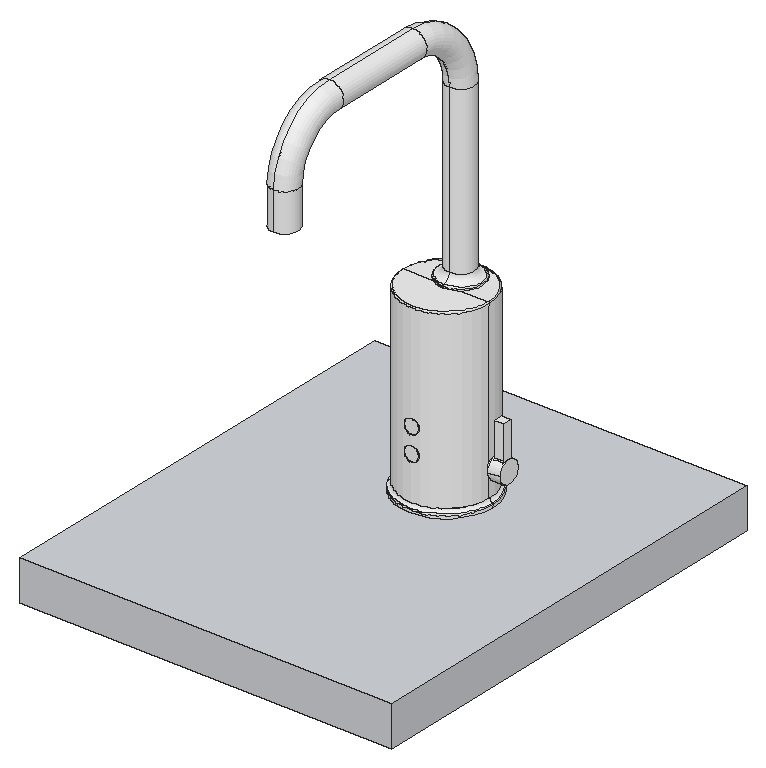
Revit family
Parameters (values of type "Chrome-Polished_Chrome-CP")
  Width = 0' - 2 5/8"
  WFU = 0
  URL = "http://www.us.kohler.com"
  Product Page URL = "http://www.us.kohler.com/onlinecatalog/detail.jsp?prod_num=13472"
  Product Documentation Link = "http://www.us.kohler.com/onlinecatalog/pdf/1108253_4.pdf"
  Model = "K-13472"  # constant formula
  Manufacturer = "Kohler"  # constant formula
  Length = 0' - 7 3/8"
  Installation = "Single-hole"  # constant formula
  Hot Water Radius = 3/16"
  Hot Water Diameter = Hot Water Radius * 2  # 3/8"
  Hot Water Connection = "Hot Water Connector"  # constant formula
  Height = 1' - 0 1/8"
  HWFU = 0
  HW Connection = yes
  Finish = Chrome-Kohler-CP-Polished_Chrome
  Description = "Gooseneck Touchless deck-mount faucet with temperature mixer"  # constant formula
  Default Elevation = 0' - 0"
  Created By = "http://medialab3dstudio.com/"
  Cold Water Radius = 3/16"
  Cold Water Diameter = Cold Water Radius * 2  # 3/8"
  Cold Water Connection = "Cold Water Connector"  # constant formula
  CWFU = 0
  CW Connection = yes
  Assembly Code = "D2010"
  Actual Water Flow = 0.5 GPM
  ADA Compliant = yes
Types (3): name | Finish
  (no name) | Chrome-Kohler-CP-Polished_Chrome
  SteelVibrant_Stainless-VS | Steel-Kohler-VS-Vibrant_Stainless
  Chrome-Polished_Chrome-CP | Chrome-Kohler-CP-Polished_Chrome
Reference planes (in)
  plane 1 "Back": y = 0
  plane 2 "Bottom": z = 0
  plane 3 "Center (Left/Right)": x = 0
  plane 4 "Left": x = -1.3125
  plane 5 "Right": x = 1.3125
  plane 6 "Front of Base": y = -2.625
  plane 7 "Top of Spout": z = 5.13758
  plane 8: x = -1.21515
  plane 9: z = 0.19946
  plane 10: y = -0.20719
  plane 11: z = 5.41928
  plane 12: z = 5.19898
  plane 13: z = 11.74609
  plane 14: y = -6.99576
  plane 15: y = -0.81246
  plane 16: z = 5.41651
  plane 17: y = -1.10002
  plane 18: y = -1.34732
  plane 19: z = 1.30517
  plane 20: z = 1.25601
  plane 21: z = 2.24107
  plane 22: y = -1.07566
  plane 23: y = -1.3705
  plane 24: z = 0.99618
  plane 25: y = -1.22359
  plane 26: x = 1.39998
  plane 27: x = 1.65425
  plane 28 "Handle Right": x = 1.70461
  plane 29: x = 1.35021
  plane 30: x = 1.0625
  plane 31: y = -1.22359
  plane 32: z = 0.99618
  plane 33: z = 2.11506
  plane 34: x = 0
  plane 35: z = 2.11482
  plane 36: z = 1.42524
  plane 37: x = 0
  plane 38: z = 1.42308
  plane 39: x = 0
  plane 40: y = -2.44704
  plane 41: y = -2.52039
  plane 42 "Front": y = -7.375
  plane 43 "Top": z = 12.125
  plane 44: y = -0.9173
  plane 45: y = -1.52988
  plane 46: y = -1.40189
  plane 47: y = -1.04534
  plane 48: y = -0.81285
  plane 49: z = 0.0984
  plane 50: z = 5.19898
  plane 51: z = 2.24107
  plane 52: y = -1.34732
  plane 53: y = -1.10002
  plane 54: z = 0.0984
  plane 55: z = 5.19898
  plane 56: z = 2.24107
  plane 57: y = -1.34732
  plane 58: y = -1.10002
  plane 59: z = 9.14197
  plane 60: z = 11.36712
  plane 61: y = -0.43313
  plane 62: y = -1.19257
  plane 63: y = -6.61653
  plane 64: y = -0.09735
  plane 65: y = -2.5277
  plane 66: z = 0.0984
  plane 67: z = 0.19946
  plane 68: z = 5.1085
  plane 69: z = 5.16952
  plane 70: y = -0.19467
  plane 71: y = -1.43108
  plane 72: z = 5.41928
  plane 73: z = 10.11366
  plane 74: y = -1.22287
  plane 75: x = 0.49462
  plane 76: x = -0.49462
Forms (in)
  Extrusion 1, solid
    sketch origin (0, 0, 0) x (1, 0, 0) y (0, 1, 0)
      loop
        line (-5.38196, 2.92434) -> (-5.38196, -9.57092) -> (5.06552, -9.57092) -> (5.06552, 2.92434) -> (-5.38196, 2.92434)
    from 0 to -1.1254
  Revolve 2, solid, material "Chrome-Kohler-CP-Polished_Chrome" <- "Finish", detail levels medium+fine
    sketch origin (0, -1.3125, 0) x (1, 0, 0) y (0, 0, 1)
      loop
        line (0, 0) -> (0, 5.13758) -> (-1.18617, 5.13758)
        arc (-1.18617, 5.13758) -> (-1.20666, 5.1291) -> (-1.21515, 5.10861) r 0.02898
        line (-1.21515, 5.10861) -> (-1.21515, 0.19946)
        arc (-1.21515, 0.19946) -> (-1.23864, 0.13482) -> (-1.29699, 0.0984) r 0.10547
        arc (-1.29699, 0.0984) -> (-1.30834, 0.08704) -> (-1.3125, 0.07153) r 0.03103
        line (-1.3125, 0.07153) -> (-1.3125, 0) -> (0, 0)
      axis (0, 5.13758) -> (0, 0)
    angle from 0 to 360
  Revolve 3, solid, material "Chrome-Kohler-CP-Polished_Chrome" <- "Finish", detail levels medium+fine
    sketch origin (0, -0.87954, 0) x (0, -1, 0) y (0, 0, 1)
      loop
        line (-0.18173, 5.13758) -> (-0.18173, 5.41928) -> (-0.44641, 5.41928)
        arc (-0.44641, 5.41928) -> (-0.50901, 5.26802) -> (-0.65744, 5.19898) r 0.22547
        arc (-0.65744, 5.19898) -> (-0.67695, 5.18967) -> (-0.68487, 5.16956) r 0.02949
        line (-0.68487, 5.16956) -> (-0.68487, 5.13758) -> (-0.18173, 5.13758)
      axis (-0.06669, 5.41928) -> (-0.06669, 5.13758)
    angle from 0 to 360
  Sweep 4, solid, material "Chrome-Kohler-CP-Polished_Chrome" <- "Finish", detail levels medium+fine
    path origin (0, 0.00468, 0) x (0, 1, 0) y (0, 0, 1)
      loop
        line (-0.81714, 5.41651) -> (-0.81714, 10.08672)
        arc (-0.81714, 10.08672) -> (-1.30315, 11.26008) -> (-2.47651, 11.74609) r 1.65937
        line (-2.47651, 11.74609) -> (-5.41231, 11.74609)
        arc (-5.41231, 11.74609) -> (-6.51854, 11.29773) -> (-7.00044, 10.2057) r 1.58887
        line (-7.00044, 10.2057) -> (-7.00044, 9.14197)
    profile origin (0, -0.81246, 7.75162) x (0, -1, 0) y (1, 0, 0)
      loop
        circle (0, 0) r 0.37923
  Extrusion 5, void
    sketch origin (0, 0, 0) x (1, 0, 0) y (0, 0, 1)
      loop
        arc (-0.21742, 2.11482) -> (-0.15374, 1.96108) -> (0, 1.8974) r 0.21742
        arc (0, 1.8974) -> (0.15374, 1.96108) -> (0.21742, 2.11482) r 0.21742
        arc (0.21742, 2.11482) -> (0.15374, 2.26855) -> (0, 2.33223) r 0.21742
        arc (0, 2.33223) -> (-0.15374, 2.26855) -> (-0.21742, 2.11482) r 0.21742
    from 2.44704 to 2.52902
  Extrusion 6, void
    sketch origin (0, 0, -0.69173) x (1, 0, 0) y (0, 0, 1)
      loop
        arc (-0.21742, 2.11482) -> (-0.15374, 1.96108) -> (0, 1.8974) r 0.21742
        arc (0, 1.8974) -> (0.15374, 1.96108) -> (0.21742, 2.11482) r 0.21742
        arc (0.21742, 2.11482) -> (0.15374, 2.26855) -> (0, 2.33223) r 0.21742
        arc (0, 2.33223) -> (-0.15374, 2.26855) -> (-0.21742, 2.11482) r 0.21742
    from 2.44704 to 2.52902
  Extrusion 7, solid, material "Chrome-Kohler-CP-Polished_Chrome" <- "Finish", detail levels medium+fine
    sketch origin (0, 0, 0) x (1, 0, 0) y (0, 0, 1)
      loop
        arc (-0.18898, 2.11506) -> (-0.13363, 1.98143) -> (0, 1.92608) r 0.18898
        arc (0, 1.92608) -> (0.13363, 1.98143) -> (0.18898, 2.11506) r 0.18898
        arc (0.18898, 2.11506) -> (0.13363, 2.24869) -> (0, 2.30404) r 0.18898
        arc (0, 2.30404) -> (-0.13363, 2.24869) -> (-0.18898, 2.11506) r 0.18898
    from 2.44704 to 2.52039
  Extrusion 8, solid, material "Chrome-Kohler-CP-Polished_Chrome" <- "Finish", detail levels medium+fine
    sketch origin (0, 0, -0.68982) x (1, 0, 0) y (0, 0, 1)
      loop
        arc (-0.18898, 2.11506) -> (-0.13363, 1.98143) -> (0, 1.92608) r 0.18898
        arc (0, 1.92608) -> (0.13363, 1.98143) -> (0.18898, 2.11506) r 0.18898
        arc (0.18898, 2.11506) -> (0.13363, 2.24869) -> (0, 2.30404) r 0.18898
        arc (0, 2.30404) -> (-0.13363, 2.24869) -> (-0.18898, 2.11506) r 0.18898
    from 2.44704 to 2.52039
  Extrusion 9, solid, material "Chrome-Kohler-CP-Polished_Chrome" <- "Finish", detail levels medium+fine
    sketch origin (0, 0, 0) x (0, 1, 0) y (0, 0, 1)
      loop
        arc (-1.04531, 0.99618) -> (-1.09753, 1.12225) -> (-1.22359, 1.17446) r 0.17828
        arc (-1.22359, 1.17446) -> (-1.34965, 1.12225) -> (-1.40187, 0.99618) r 0.17828
        arc (-1.40187, 0.99618) -> (-1.34965, 0.87012) -> (-1.22359, 0.8179) r 0.17828
        arc (-1.22359, 0.8179) -> (-1.09753, 0.87012) -> (-1.04531, 0.99618) r 0.17828
    from 1.0625 to 1.35021
  Extrusion 10, solid, material "Chrome-Kohler-CP-Polished_Chrome" <- "Finish", detail levels medium+fine
    sketch origin (0, 0, 0) x (0, 1, 0) y (0, 0, 1)
      loop
        arc (-0.9173, 0.99618) -> (-1.00701, 1.21276) -> (-1.22359, 1.30247) r 0.30629
        arc (-1.22359, 1.30247) -> (-1.44017, 1.21276) -> (-1.52988, 0.99618) r 0.30629
        arc (-1.52988, 0.99618) -> (-1.44017, 0.77961) -> (-1.22359, 0.6899) r 0.30629
        arc (-1.22359, 0.6899) -> (-1.00701, 0.77961) -> (-0.9173, 0.99618) r 0.30629
    from 1.35021 to 1.70461
  Extrusion 11, solid, material "Chrome-Kohler-CP-Polished_Chrome" <- "Finish", detail levels medium+fine
    sketch origin (0, 0, 0) x (0, 1, 0) y (0, 0, 1)
      loop
        arc (-1.3705, 1.25601) -> (-1.22308, 1.29082) -> (-1.07566, 1.25601) r 0.32962
        arc (-1.07566, 1.25601) -> (-1.09275, 1.27817) -> (-1.10002, 1.30519) r 0.07148
        line (-1.10002, 1.30519) -> (-1.10002, 2.24107) -> (-1.34732, 2.24107) -> (-1.34732, 1.30517)
        arc (-1.34732, 1.30517) -> (-1.35357, 1.27807) -> (-1.3705, 1.25601) r 0.06547
    from 1.39998 to 1.65425
  Extrusion 12, void
    sketch origin (0.49462, 0.17828, 0) x (1, 0, 0) y (0, 1, 0)
      loop
        circle (0, -1.40115) r 0.1875
    from 0 to 0.0984
  Extrusion 13, void
    sketch origin (-0.49462, 0.17828, 0) x (1, 0, 0) y (0, 1, 0)
      loop
        circle (0, -1.40115) r 0.1875
    from 0 to 0.0984
  Extrusion 14, solid, not visible
    sketch origin (0, 0, 0) x (1, 0, 0) y (0, 1, 0)
      loop
        arc (0.30712, -1.22287) -> (0.36203, -1.35545) -> (0.49462, -1.41037) r 0.1875
        arc (0.49462, -1.41037) -> (0.6272, -1.35545) -> (0.68212, -1.22287) r 0.1875
        arc (0.68212, -1.22287) -> (0.6272, -1.09029) -> (0.49462, -1.03537) r 0.1875
        arc (0.49462, -1.03537) -> (0.36203, -1.09029) -> (0.30712, -1.22287) r 0.1875
      loop
        arc (-0.49462, -1.03537) -> (-0.6272, -1.09029) -> (-0.68212, -1.22287) r 0.1875
        arc (-0.68212, -1.22287) -> (-0.6272, -1.35545) -> (-0.49462, -1.41037) r 0.1875
        arc (-0.49462, -1.41037) -> (-0.36203, -1.35545) -> (-0.30712, -1.22287) r 0.1875
        arc (-0.30712, -1.22287) -> (-0.36203, -1.09029) -> (-0.49462, -1.03537) r 0.1875
    from 0 to 0.0984
Cuts and joins
  Extrusion 5, Extrusion 6, Extrusion 12, Extrusion 13 cuts Revolve 2
  joined: Revolve 2, Revolve 3, Extrusion 7, Extrusion 8, Extrusion 9, Extrusion 10
Lines and regions (in)
  Masking region 1, detail levels coarse
    outline origin (0, 0, 0) x (1, 0, 0) y (0, 1, 0)
      loop
        line (-1.3125, 0) -> (-1.3125, -7.375) -> (1.70461, -7.375) -> (1.70461, 0) -> (-1.3125, 0)
  Masking region 2, detail levels medium+fine
    outline origin (0, 0, 0) x (1, 0, 0) y (0, 1, 0)
      loop
        line (-0.37924, -2.56902) -> (-0.37924, -6.99756)
        arc (-0.37924, -6.99756) -> (0, -7.37679) -> (0.37923, -6.99756) r 0.37923
        line (0.37923, -6.99756) -> (0.37923, -2.56902)
        arc (0.37923, -2.56902) -> (1.02638, -2.13054) -> (1.30945, -1.40189) r 1.3125
        line (1.30945, -1.40189) -> (1.35021, -1.40189) -> (1.35021, -1.52988) -> (1.70461, -1.52988) -> (1.70461, -0.9173) -> (1.35021, -0.9173) -> (1.35021, -1.04534) -> (1.28502, -1.04534)
        arc (1.28502, -1.04534) -> (-0.88629, -0.34444) -> (-0.37924, -2.56902) r 1.3125
  Masking region 3, detail levels coarse
    outline origin (0, 0, 0) x (1, 0, 0) y (0, 0, 1)
      loop
        line (-1.3125, 12.125) -> (-1.3125, 0) -> (1.70461, 0) -> (1.70461, 12.125) -> (-1.3125, 12.125)
  Masking region 4, detail levels medium+fine
    outline origin (0, 0, 0) x (1, 0, 0) y (0, 0, 1)
      loop
        line (1.3125, 0) -> (1.3125, 0.07153)
        arc (1.3125, 0.07153) -> (1.30833, 0.08703) -> (1.29699, 0.0984) r 0.03114
        arc (1.29699, 0.0984) -> (1.23819, 0.13448) -> (1.21517, 0.19951) r 0.10338
        line (1.21517, 0.19951) -> (1.21517, 0.8179) -> (1.35021, 0.8179) -> (1.35021, 0.6899) -> (1.70461, 0.6899) -> (1.70461, 1.30519) -> (1.65425, 1.30519) -> (1.65425, 2.24107) -> (1.39998, 2.24107) -> (1.39998, 1.30247) -> (1.35021, 1.30247) -> (1.35021, 1.17489) -> (1.21517, 1.17489) -> (1.21517, 5.10858)
        arc (1.21517, 5.10858) -> (1.20668, 5.12909) -> (1.18617, 5.13758) r 0.029
        line (1.18617, 5.13758) -> (0.59825, 5.13758) -> (0.59825, 5.17058)
        arc (0.59825, 5.17058) -> (0.58994, 5.19001) -> (0.57082, 5.19899) r 0.02968
        arc (0.57082, 5.19899) -> (0.43062, 5.26871) -> (0.37892, 5.41651) r 0.20773
        line (0.37892, 5.41651) -> (0.37892, 11.74436)
        arc (0.37892, 11.74436) -> (-0.00015, 12.12344) -> (-0.37923, 11.74436) r 0.37908
        line (-0.37923, 11.74436) -> (-0.37923, 5.41651)
        arc (-0.37923, 5.41651) -> (-0.43116, 5.26823) -> (-0.57214, 5.19886) r 0.20746
        arc (-0.57214, 5.19886) -> (-0.59078, 5.18919) -> (-0.59826, 5.16956) r 0.0295
        line (-0.59826, 5.16956) -> (-0.59826, 5.13758) -> (-1.18617, 5.13758)
        arc (-1.18617, 5.13758) -> (-1.20666, 5.1291) -> (-1.21515, 5.10861) r 0.02898
        line (-1.21515, 5.10861) -> (-1.21515, 0.19946)
        arc (-1.21515, 0.19946) -> (-1.23921, 0.13528) -> (-1.29699, 0.0984) r 0.10831
        arc (-1.29699, 0.0984) -> (-1.3084, 0.08708) -> (-1.3125, 0.07153) r 0.0306
        line (-1.3125, 0.07153) -> (-1.3125, 0) -> (1.3125, 0)
  Masking region 5, detail levels coarse
    outline origin (0, 0, 0) x (0, 1, 0) y (0, 0, 1)
      loop
        line (0, 12.125) -> (-7.375, 12.125) -> (-7.375, 0) -> (0, 0) -> (0, 12.125)
  Masking region 6, detail levels medium+fine
    outline origin (0, 0, 0) x (0, 1, 0) y (0, 0, 1)
      loop
        line (0, 0) -> (0, 0.07182)
        arc (0, 0.07182) -> (-0.00416, 0.08721) -> (-0.01551, 0.0984) r 0.03053
        arc (-0.01551, 0.0984) -> (-0.07358, 0.13504) -> (-0.09735, 0.19946) r 0.10682
        line (-0.09735, 0.19946) -> (-0.09735, 5.10856)
        arc (-0.09735, 5.10856) -> (-0.10585, 5.12908) -> (-0.12637, 5.13758) r 0.02902
        line (-0.12637, 5.13758) -> (-0.19467, 5.13758) -> (-0.19467, 5.16952)
        arc (-0.19467, 5.16952) -> (-0.20259, 5.18961) -> (-0.2221, 5.19889) r 0.02944
        arc (-0.2221, 5.19889) -> (-0.37025, 5.26819) -> (-0.43313, 5.41918) r 0.22654
        line (-0.43313, 5.41918) -> (-0.43313, 10.10196)
        arc (-0.43313, 10.10196) -> (-1.02567, 11.53247) -> (-2.45617, 12.125) r 2.02304
        line (-2.45617, 12.125) -> (-5.44685, 12.125)
        arc (-5.44685, 12.125) -> (-6.81026, 11.56026) -> (-7.375, 10.19685) r 1.92815
        line (-7.375, 10.19685) -> (-7.375, 9.14197) -> (-6.61653, 9.14197) -> (-6.61653, 10.19952)
        arc (-6.61653, 10.19952) -> (-6.24709, 11.02678) -> (-5.40744, 11.36712) r 1.21266
        line (-5.40744, 11.36712) -> (-2.48041, 11.36712)
        arc (-2.48041, 11.36712) -> (-1.58184, 11.00202) -> (-1.19257, 10.11366) r 1.28831
        line (-1.19257, 10.11366) -> (-1.19257, 5.41928)
        arc (-1.19257, 5.41928) -> (-1.25533, 5.26817) -> (-1.4036, 5.19898) r 0.22606
        arc (-1.4036, 5.19898) -> (-1.42317, 5.18969) -> (-1.43108, 5.16952) r 0.02943
        line (-1.43108, 5.16952) -> (-1.43108, 5.13758) -> (-2.49862, 5.13758)
        arc (-2.49862, 5.13758) -> (-2.51919, 5.12907) -> (-2.5277, 5.1085) r 0.02908
        line (-2.5277, 5.1085) -> (-2.5277, 0.19941)
        arc (-2.5277, 0.19941) -> (-2.55179, 0.1353) -> (-2.60949, 0.0984) r 0.10846
        arc (-2.60949, 0.0984) -> (-2.621, 0.08713) -> (-2.625, 0.07153) r 0.02993
        line (-2.625, 0.07153) -> (-2.625, 0) -> (0, 0)
  model lines
    curve 1: line (0, -1.33822, 0.99618) -> (0, -1.10896, 0.99618)
  symbolic lines, detail levels fine
    curve 2: arc (-0.38196, -1.34233, 0) -> (-0.00037, -0.27922, 0) -> (0.38071, -1.34252, 0) r 0.59999
    curve 3: arc (-0.38196, -0.7959, 0) -> (-0.00063, -0.41457, 0) -> (0.38071, -0.7959, 0) r 0.38133
    curve 4: arc (1.28502, -1.04534, 0) -> (1.30971, -1.22276, 0) -> (1.30945, -1.40189, 0) r 1.28325
    curve 5: line (1.35021, -1.40187, 0) -> (1.35021, -1.04534, 0)
    curve 6: line (1.39998, -1.07566, 0) -> (1.65425, -1.07566, 0)
    curve 7: line (1.39998, -1.3705, 0) -> (1.39998, -1.07566, 0)
    curve 8: line (1.65425, -1.3705, 0) -> (1.39998, -1.3705, 0)
    curve 9: line (1.65425, -1.07566, 0) -> (1.65425, -1.3705, 0)
    curve 10: line (0.38071, -1.34252, 0) -> (0.38071, -2.569, 0)
    curve 11: line (-0.38196, -1.34233, 0) -> (-0.38196, -2.569, 0)
    curve 12: line (-0.38196, -1.34233, 0) -> (-0.38196, -0.7959, 0)
    curve 13: line (0.38071, -1.34252, 0) -> (0.38071, -0.7959, 0)
    curve 14: arc (0.21742, 0, 2.11482) -> (0.15374, 0, 2.26855) -> (0, 0, 2.33223) r 0.21742
    curve 15: arc (0, 0, 1.8974) -> (0.15374, 0, 1.96108) -> (0.21742, 0, 2.11482) r 0.21742
    curve 16: arc (-0.21742, 0, 2.11482) -> (-0.15374, 0, 1.96108) -> (0, 0, 1.8974) r 0.21742
    curve 17: arc (0, 0, 2.33223) -> (-0.15374, 0, 2.26855) -> (-0.21742, 0, 2.11482) r 0.21742
    curve 18: arc (0, 0, 2.30404) -> (-0.13363, 0, 2.24869) -> (-0.18898, 0, 2.11506) r 0.18898
    curve 19: arc (0.18898, 0, 2.11506) -> (0.13363, 0, 2.24869) -> (0, 0, 2.30404) r 0.18898
    curve 20: arc (0, 0, 1.92608) -> (0.13363, 0, 1.98143) -> (0.18898, 0, 2.11506) r 0.18898
    curve 21: arc (-0.18898, 0, 2.11506) -> (-0.13363, 0, 1.98143) -> (0, 0, 1.92608) r 0.18898
    curve 22: arc (0.21742, 0, 1.42308) -> (0.15374, 0, 1.57682) -> (0, 0, 1.6405) r 0.21742
    curve 23: arc (0, 0, 1.20567) -> (0.15374, 0, 1.26935) -> (0.21742, 0, 1.42308) r 0.21742
    curve 24: arc (-0.21742, 0, 1.42308) -> (-0.15374, 0, 1.26935) -> (0, 0, 1.20567) r 0.21742
    curve 25: arc (0, 0, 1.6405) -> (-0.15374, 0, 1.57682) -> (-0.21742, 0, 1.42308) r 0.21742
    curve 26: arc (0, 0, 1.61422) -> (-0.13363, 0, 1.55887) -> (-0.18898, 0, 1.42524) r 0.18898
    curve 27: arc (0.18898, 0, 1.42524) -> (0.13363, 0, 1.55887) -> (0, 0, 1.61422) r 0.18898
    curve 28: arc (0, 0, 1.23626) -> (0.13363, 0, 1.29161) -> (0.18898, 0, 1.42524) r 0.18898
    curve 29: arc (-0.18898, 0, 1.42524) -> (-0.13363, 0, 1.29161) -> (0, 0, 1.23626) r 0.18898
    curve 30: line (-0.59826, 0, 5.13758) -> (0.59825, 0, 5.13758)
    curve 31: line (-0.37923, 0, 9.14197) -> (0.37923, 0, 9.14197)
    curve 50: line (1.35021, 0, 1.17446) -> (1.35021, 0, 0.8179)
    curve 54: arc (0, -1.22359, 0.6899) -> (0, -1.00701, 0.77961) -> (0, -0.9173, 0.99618) r 0.30629
    curve 55: arc (0, -1.52988, 0.99618) -> (0, -1.44017, 0.77961) -> (0, -1.22359, 0.6899) r 0.30629
    curve 56: arc (0, -1.35746, 1.27166) -> (0, -1.48322, 1.15868) -> (0, -1.52988, 0.99618) r 0.30629
    curve 57: arc (0, -0.9173, 0.99618) -> (0, -0.96352, 1.15797) -> (0, -1.08823, 1.27093) r 0.30629
    curve 58: arc (0, -1.08823, 1.27093) -> (0, -1.09646, 1.28726) -> (0, -1.10002, 1.30519) r 0.06772
    curve 59: arc (0, -1.35746, 1.27166) -> (0, -1.34998, 1.28769) -> (0, -1.34732, 1.30517) r 0.06222
    curve 60: line (0, -1.34732, 1.30517) -> (0, -1.34732, 2.24107)
    curve 61: line (0, -1.34732, 2.24107) -> (0, -1.10002, 2.24107)
    curve 62: line (0, -1.10002, 2.24107) -> (0, -1.10002, 1.30519)
    curve 63: line (0, -0.2221, 5.19898) -> (0, -1.4036, 5.19898)
    curve 64: line (0, -0.01551, 0.0984) -> (0, -2.60949, 0.0984)
  symbolic lines, not visible, detail levels fine
    curve 32: arc (0.21742, 0, 2.11482) -> (0.15374, 0, 2.26855) -> (0, 0, 2.33223) r 0.21742
    curve 33: arc (0, 0, 1.8974) -> (0.15374, 0, 1.96108) -> (0.21742, 0, 2.11482) r 0.21742
    curve 34: arc (-0.21742, 0, 2.11482) -> (-0.15374, 0, 1.96108) -> (0, 0, 1.8974) r 0.21742
    curve 35: arc (0, 0, 2.33223) -> (-0.15374, 0, 2.26855) -> (-0.21742, 0, 2.11482) r 0.21742
    curve 36: arc (0, 0, 2.30404) -> (-0.13363, 0, 2.24869) -> (-0.18898, 0, 2.11506) r 0.18898
    curve 37: arc (0.18898, 0, 2.11506) -> (0.13363, 0, 2.24869) -> (0, 0, 2.30404) r 0.18898
    curve 38: arc (0, 0, 1.92608) -> (0.13363, 0, 1.98143) -> (0.18898, 0, 2.11506) r 0.18898
    curve 39: arc (-0.18898, 0, 2.11506) -> (-0.13363, 0, 1.98143) -> (0, 0, 1.92608) r 0.18898
    curve 40: arc (0.21742, 0, 1.42308) -> (0.15374, 0, 1.57682) -> (0, 0, 1.6405) r 0.21742
    curve 41: arc (0, 0, 1.20567) -> (0.15374, 0, 1.26935) -> (0.21742, 0, 1.42308) r 0.21742
    curve 42: arc (-0.21742, 0, 1.42308) -> (-0.15374, 0, 1.26935) -> (0, 0, 1.20567) r 0.21742
    curve 43: arc (0, 0, 1.6405) -> (-0.15374, 0, 1.57682) -> (-0.21742, 0, 1.42308) r 0.21742
    curve 44: arc (0, 0, 1.61422) -> (-0.13363, 0, 1.55887) -> (-0.18898, 0, 1.42524) r 0.18898
    curve 45: arc (0.18898, 0, 1.42524) -> (0.13363, 0, 1.55887) -> (0, 0, 1.61422) r 0.18898
    curve 46: arc (0, 0, 1.23626) -> (0.13363, 0, 1.29161) -> (0.18898, 0, 1.42524) r 0.18898
    curve 47: arc (-0.18898, 0, 1.42524) -> (-0.13363, 0, 1.29161) -> (0, 0, 1.23626) r 0.18898
    curve 48: line (-0.59826, 0, 5.13758) -> (0.59825, 0, 5.13758)
    curve 49: line (-0.37923, 0, 9.14197) -> (0.37923, 0, 9.14197)
    curve 52: line (1.35021, 0, 1.17446) -> (1.35021, 0, 0.8179)
    curve 65: arc (0, -1.22359, 0.6899) -> (0, -1.00701, 0.77961) -> (0, -0.9173, 0.99618) r 0.30629
    curve 66: arc (0, -1.52988, 0.99618) -> (0, -1.44017, 0.77961) -> (0, -1.22359, 0.6899) r 0.30629
    curve 67: arc (0, -1.35746, 1.27166) -> (0, -1.48322, 1.15868) -> (0, -1.52988, 0.99618) r 0.30629
    curve 68: arc (0, -0.9173, 0.99618) -> (0, -0.96352, 1.15797) -> (0, -1.08823, 1.27093) r 0.30629
    curve 69: arc (0, -1.08823, 1.27093) -> (0, -1.09646, 1.28726) -> (0, -1.10002, 1.30519) r 0.06772
    curve 70: arc (0, -1.35746, 1.27166) -> (0, -1.34998, 1.28769) -> (0, -1.34732, 1.30517) r 0.06222
    curve 71: line (0, -1.34732, 1.30517) -> (0, -1.34732, 2.24107)
    curve 72: line (0, -1.34732, 2.24107) -> (0, -1.10002, 2.24107)
    curve 73: line (0, -1.10002, 2.24107) -> (0, -1.10002, 1.30519)
    curve 74: line (0, -0.2221, 5.19898) -> (0, -1.4036, 5.19898)
    curve 75: line (0, -0.01551, 0.0984) -> (0, -2.60949, 0.0984)
  symbolic lines
    curve 51: arc (1.21517, 0, 1.17489) -> (1.1854, 0, 0.9964) -> (1.21517, 0, 0.8179) r 0.55008
  symbolic lines, not visible
    curve 53: arc (1.21517, 0, 1.17489) -> (1.1854, 0, 0.9964) -> (1.21517, 0, 0.8179) r 0.55008
  model lines, detail levels coarse
    curve 76: arc (1.29699, -1.3125, 5.13758) -> (0, -0.01551, 5.13758) -> (-1.29699, -1.3125, 5.13758) r 1.29699
    curve 77: arc (-1.29699, -1.3125, 5.13758) -> (0, -2.60949, 5.13758) -> (1.29699, -1.3125, 5.13758) r 1.29699
    curve 78: arc (1.29699, -1.3125, 0) -> (0, -0.01551, 0) -> (-1.29699, -1.3125, 0) r 1.29699
    curve 79: arc (-1.29699, -1.3125, 0) -> (0, -2.60949, 0) -> (1.29699, -1.3125, 0) r 1.29699
    curve 80: line (0, -0.81285, 5.13758) -> (0, -0.81285, 10.13758)
    curve 81: arc (0, -0.81285, 10.13758) -> (0, -1.29149, 11.29313) -> (0, -2.44704, 11.77177) r 1.63419
    curve 82: line (0, -2.44704, 11.77177) -> (0, -5.44704, 11.77177)
    curve 83: arc (0, -5.44704, 11.77177) -> (0, -6.55448, 11.31305) -> (0, -7.0132, 10.20561) r 1.56616
    curve 84: line (0, -7.0132, 10.20561) -> (0, -7.0132, 9.14197)
    curve 85: line (0, -1.34732, 0) -> (0, -1.34732, 5.13758)
Dimensions and locks (in)
  equal spacing: plane 4 "Left", plane 3 "Center (Left/Right)", plane 5 "Right"
  locked: plane 4 "Left" to plane 8 at 0.09735
  locked: plane 9 to plane 2 "Bottom" at 0.19946
  plane 1 "Back" to plane 15 = 0' - 0.81246"
  plane 1 "Back" to plane 17 to plane 18 to plane 6 "Front of Base" = 0' - 1.10002" locked, 0' - 0.2473" locked, 0' - 1.27768" locked
  locked: plane 20 to plane 2 "Bottom" at 1.25601
  locked: plane 20 to plane 19 at 0.04915
  locked: plane 19 to plane 21 at 0.9359
  plane 1 "Back" to plane 25 to plane 6 "Front of Base" = 0' - 1.22359", 0' - 1.40141"
  locked: plane 32 to plane 2 "Bottom" at 0.99618
  plane 1 "Back" to plane 31 to plane 6 "Front of Base" = 0' - 1.22359", 0' - 1.40141"
  locked: plane 5 "Right" to plane 30 at 0.25
  plane 28 "Handle Right" to plane 27 to plane 26 to plane 29 to plane 5 "Right" = 0' - 0.05036" locked, 0' - 0.25428" locked, 0' - 0.04977" locked, 0' - 0.03771" locked
  locked: plane 37 to plane 4 "Left" at 1.3125
  locked: plane 36 to plane 2 "Bottom" at 1.42524
  locked: plane 38 to plane 2 "Bottom" at 1.42308
  locked: plane 39 to plane 4 "Left" at 1.3125
  locked: plane 6 "Front of Base" to plane 41 at 0.10461
  locked: plane 41 to plane 40 at 0.07335
  "Length": plane 1 "Back" to plane 42 "Front"
  locked: plane 7 "Top of Spout" to plane 2 "Bottom" at 5.13758
  "Height": plane 43 "Top" to level
  locked: plane 13 to plane 43 "Top" at 0.37891
  locked: plane 16 to plane 7 "Top of Spout" at 0.27893
  locked: plane 1 "Back" to plane 15 at 0.81246
  locked: plane 15 to plane 14 at 6.1833
  "Width": plane 4 "Left" to plane 5 "Right"
  plane 45 to plane 46 to plane 47 to plane 44 to plane 1 "Back" = 0' - 0.12798" locked, 0' - 0.35655" locked, 0' - 0.12804" locked, 0' - 0.9173" locked
  plane 11 to plane 12 to plane 7 "Top of Spout" = 0' - 0.2203" locked, 0' - 0.0614" locked
  plane 1 "Back" to plane 10 to plane 48 = 0' - 0.20719" locked, 0' - 0.60566" locked
  locked: plane 49 to plane 2 "Bottom" at 0.0984
  locked: plane 49 to plane 51 at 2.14267
  locked: plane 51 to plane 50 at 2.95791
  locked: plane 1 "Back" to plane 53 at 1.10002
  locked: plane 53 to plane 52 at 0.2473
  locked: plane 52 to plane 6 "Front of Base" at 1.27768
  plane 1 "Back" to plane 64 to plane 70 to plane 61 to plane 62 to plane 71 to plane 65 to plane 63 = 0' - 0.09735" locked, 0' - 0.09732" locked, 0' - 0.23846" locked, 0' - 0.75944" locked, 0' - 0.2385" locked, 0' - 1.09662" locked, 0' - 4.08883" locked
  plane 60 to plane 73 to plane 59 to plane 72 to plane 69 to plane 68 to plane 67 to plane 66 to Extrusion 1 = 0' - 1.25345" locked, 0' - 0.97169" locked, 0' - 3.7227" locked, 0' - 0.24976" locked, 0' - 0.06101" locked, 0' - 4.90905" locked, 0' - 0.10106" locked, 0' - 0.0984" locked
  plane 76 to plane 3 "Center (Left/Right)" to plane 75 = 0' - 0.49462" locked, 0' - 0.49462" locked
  plane 53 to plane 74 to plane 52 = 0' - 0.12286" locked, 0' - 0.12445" locked
  radius of Revolve 2 sketch curve = 0' - 0.03103"
  radius of Revolve 2 sketch curve = 0' - 0 27/256"
  "Cold Water Radius": radius of Extrusion 12 sketch curve
  "Hot Water Radius": radius of Extrusion 13 sketch curve
  angle curve 51 to curve 51 = 37.8694°
  aligned and locked: plane 2 "Bottom" to Extrusion 1
  aligned and locked: level to Extrusion 1
  aligned and locked: plane 4 "Left" to Revolve 2 sketch curve  (x2)
  aligned and locked: Revolve 2 sketch curve to plane 3 "Center (Left/Right)"
  aligned and locked: plane 2 "Bottom" to Revolve 2 sketch curve
  aligned and locked: Revolve 2 sketch curve to plane 7 "Top of Spout"
  aligned and locked: Revolve 2 sketch curve to plane 8
  aligned and locked: plane 9 to Revolve 2 sketch curve
  aligned and locked: plane 3 "Center (Left/Right)" to cut or joined group 1 (Revolve 2, Revolve 3, Extrusion 5, Extrusion 6, Extrusion 7, Extrusion 8, Extrusion 9, Extrusion 10, Extrusion 12, Extrusion 13)
  aligned and locked: plane 7 "Top of Spout" to Revolve 3 sketch curve
  aligned and locked: plane 12 to Revolve 3 sketch curve
  aligned and locked: plane 13 to Sweep 4 sketch curve
  aligned and locked: Sweep 4 sketch curve to plane 15
  aligned and locked: plane 16 to Sweep 4 sketch curve
  aligned and locked: Extrusion 11 sketch curve to plane 17
  aligned and locked: Extrusion 11 sketch curve to plane 18
  aligned and locked: plane 19 to Extrusion 11 sketch curve
  aligned and locked: plane 21 to Extrusion 11 sketch curve
  aligned and locked: plane 20 to Extrusion 11 sketch curve  (x2)
  aligned and locked: plane 23 to Extrusion 11 sketch curve
  aligned and locked: plane 22 to Extrusion 11 sketch curve
  aligned and locked: plane 25 to Extrusion 10 sketch curve  (x2)
  aligned and locked: plane 24 to Extrusion 10 sketch curve  (x2)
  aligned and locked: Extrusion 11 to plane 27
  aligned and locked: plane 26 to Extrusion 11
  aligned and locked: cut or joined group 1 to plane 28 "Handle Right"
  aligned and locked: plane 29 to cut or joined group 1
  aligned and locked: cut or joined group 1 to plane 29
  aligned and locked: Extrusion 9 to plane 30
  aligned and locked: plane 31 to Extrusion 9 sketch curve  (x2)
  aligned and locked: plane 32 to Extrusion 9 sketch curve  (x2)
  aligned and locked: plane 34 to Extrusion 7 sketch curve  (x2)
  aligned and locked: plane 33 to Extrusion 7 sketch curve  (x2)
  aligned and locked: plane 3 "Center (Left/Right)" to Extrusion 5 sketch curve  (x2)
  aligned and locked: plane 35 to Extrusion 5 sketch curve  (x2)
  aligned and locked: plane 37 to Extrusion 8 sketch curve  (x2)
  aligned and locked: plane 36 to Extrusion 8 sketch curve  (x2)
  aligned and locked: plane 38 to Extrusion 6 sketch curve  (x2)
  aligned and locked: plane 39 to Extrusion 6 sketch curve  (x2)
  aligned and locked: cut or joined group 1 to plane 40  (x2)
  aligned and locked: plane 41 to cut or joined group 1  (x2)
  aligned and locked: plane 42 "Front" to Sweep 4
  aligned and locked: plane 1 "Back" to Masking region 1 sketch curve
  aligned and locked: plane 28 "Handle Right" to Masking region 1 sketch curve
  aligned and locked: plane 42 "Front" to Masking region 1 sketch curve
  aligned and locked: plane 4 "Left" to Masking region 1 sketch curve
  aligned and locked: Masking region 2 sketch curve to cut or joined group 1  (x2)
  aligned and locked: plane 28 "Handle Right" to Masking region 2 sketch curve
  aligned and locked: Masking region 2 sketch curve to plane 29  (x2)
  aligned and locked: Masking region 2 sketch curve to plane 45
  aligned and locked: Masking region 2 sketch curve to plane 46
  aligned and locked: plane 47 to Masking region 2 sketch curve
  aligned and locked: plane 44 to Masking region 2 sketch curve
  aligned and locked: curve 6 to Extrusion 11
  aligned and locked: curve 9 to Extrusion 11
  aligned and locked: curve 8 to Extrusion 11
  aligned and locked: curve 7 to Extrusion 11
  aligned and locked: plane 43 "Top" to Masking region 3 sketch curve
  aligned and locked: plane 28 "Handle Right" to Masking region 3 sketch curve
  aligned and locked: plane 2 "Bottom" to Masking region 3 sketch curve
  aligned and locked: plane 4 "Left" to Masking region 3 sketch curve
  aligned and locked: plane 2 "Bottom" to Masking region 4 sketch curve
  aligned and locked: Masking region 4 sketch curve to plane 7 "Top of Spout"  (x2)
  aligned and locked: Masking region 4 sketch curve to Masking region 4 sketch curve
  aligned and locked: Masking region 4 sketch curve to cut or joined group 1
  aligned and locked: curve 14 to cut or joined group 1
  aligned and locked: curve 15 to cut or joined group 1
  aligned and locked: curve 16 to cut or joined group 1
  aligned and locked: curve 17 to cut or joined group 1
  aligned and locked: curve 18 to cut or joined group 1
  aligned and locked: curve 19 to cut or joined group 1
  aligned and locked: curve 20 to cut or joined group 1
  aligned and locked: curve 21 to cut or joined group 1
  aligned and locked: curve 22 to cut or joined group 1
  aligned and locked: curve 23 to cut or joined group 1
  aligned and locked: curve 24 to cut or joined group 1
  aligned and locked: curve 25 to cut or joined group 1
  aligned and locked: curve 26 to cut or joined group 1
  aligned and locked: curve 27 to cut or joined group 1
  aligned and locked: curve 28 to cut or joined group 1
  aligned and locked: curve 29 to cut or joined group 1
  aligned and locked: plane 43 "Top" to Masking region 5 sketch curve
  aligned and locked: plane 42 "Front" to Masking region 5 sketch curve
  aligned and locked: plane 2 "Bottom" to Masking region 5 sketch curve
  aligned and locked: plane 1 "Back" to Masking region 5 sketch curve
  aligned and locked: plane 48 to Revolve 3 sketch curve
  aligned and locked: plane 11 to Revolve 3 sketch curve
  aligned and locked: curve 54 to cut or joined group 1
  aligned and locked: curve 55 to cut or joined group 1
  aligned and locked: curve 56 to cut or joined group 1
  aligned and locked: curve 57 to cut or joined group 1
  aligned and locked: plane 49 to curve 64
  aligned and locked: plane 50 to cut or joined group 1
  aligned and locked: curve 61 to plane 51
  aligned and locked: curve 60 to plane 52
  aligned and locked: plane 53 to curve 62  (x2)
  aligned and locked: plane 52 to curve 60
  aligned and locked: plane 54 to curve 75
  aligned and locked: curve 72 to plane 56
  aligned and locked: curve 71 to plane 57
  aligned and locked: plane 58 to curve 73  (x2)
  aligned and locked: plane 57 to curve 71
  aligned and locked: plane 2 "Bottom" to Masking region 6 sketch curve
  aligned and locked: plane 1 "Back" to Masking region 6 sketch curve
  aligned and locked: plane 6 "Front of Base" to Masking region 6 sketch curve
  aligned and locked: Masking region 6 sketch curve to plane 7 "Top of Spout"  (x2)
  aligned and locked: plane 59 to Masking region 6 sketch curve
  aligned and locked: plane 60 to Masking region 6 sketch curve
  aligned and locked: plane 43 "Top" to Masking region 6 sketch curve
  aligned and locked: Masking region 6 sketch curve to plane 61
  aligned and locked: plane 62 to Masking region 6 sketch curve
  aligned and locked: plane 63 to Masking region 6 sketch curve
  aligned and locked: plane 42 "Front" to Masking region 6 sketch curve
  aligned and locked: plane 64 to Masking region 6 sketch curve
  aligned and locked: plane 65 to Masking region 6 sketch curve
  aligned and locked: plane 66 to curve 64
  aligned and locked: plane 66 to Masking region 6 sketch curve  (x2)
  aligned and locked: plane 67 to Masking region 6 sketch curve
  aligned and locked: plane 68 to Masking region 6 sketch curve
  aligned and locked: plane 69 to Masking region 6 sketch curve  (x2)
  aligned and locked: Masking region 6 sketch curve to plane 70
  aligned and locked: plane 71 to Masking region 6 sketch curve
  aligned and locked: plane 72 to Masking region 6 sketch curve
  aligned and locked: plane 73 to Masking region 6 sketch curve
  aligned and locked: curve 76 to cut or joined group 1
  aligned and locked: curve 77 to cut or joined group 1
  aligned and locked: curve 78 to curve 76
  aligned and locked: curve 79 to cut or joined group 1
  aligned and locked: plane 76 to Extrusion 14 sketch curve
  aligned and locked: plane 74 to Extrusion 14 sketch curve  (x2)
  aligned and locked: plane 75 to Extrusion 14 sketch curve
  aligned and locked: Extrusion 14 to plane 2 "Bottom"
  aligned and locked: Extrusion 14 to plane 49
  aligned and locked: cut or joined group 1 to plane 49  (x2)
Automatic sketch dimensions
  Extrusion 1 sketch curve to Extrusion 1 sketch curve = 0' - 10.44748"
  Extrusion 1 sketch curve to Extrusion 1 sketch curve = 1' - 0.49525"
  Sweep 4 sketch curve to Sweep 4 sketch curve = 0' - 1.58813"
  plane 6 "Front of Base" to Sweep 4 sketch curve = 0' - 0.15317"
  plane 7 "Top of Spout" to Sweep 4 sketch curve = 0' - 4.00439"
  Sweep 4 sketch curve to Sweep 4 sketch curve = 0' - 1.58887"
  Sweep 4 sketch curve to plane 3 "Center (Left/Right)" = 0' - 0"
  Sweep 4 sketch curve to profile plane = 0' - 0"
  plane 3 "Center (Left/Right)" to Extrusion 12 sketch curve = 0' - 0.49462"
  plane 1 "Back" to Extrusion 12 sketch curve = 0' - 1.22287"
  Extrusion 13 sketch curve to plane 3 "Center (Left/Right)" = 0' - 0.49462"
  plane 1 "Back" to Extrusion 13 sketch curve = 0' - 1.22287"
  Extrusion 11 sketch curve to plane 19 = 0' - 0.00084"
  Extrusion 11 sketch curve to plane 19 = 0' - 0.00472"
  Extrusion 11 sketch curve to Extrusion 11 sketch curve = 0' - 0.07133"
  plane 20 to Extrusion 11 sketch curve = 0' - 0.29482"
  Extrusion 10 sketch curve to Extrusion 10 sketch curve = 0' - 0.30629"
  Extrusion 9 sketch curve to Extrusion 9 sketch curve = 0' - 0.17828"
  Extrusion 7 sketch curve to Extrusion 7 sketch curve = 0' - 0.18898"
  Extrusion 5 sketch curve to plane 3 "Center (Left/Right)" = 0' - 0.21742"
  Extrusion 8 sketch curve to Extrusion 8 sketch curve = 0' - 0.18898"
  Extrusion 6 sketch curve to plane 3 "Center (Left/Right)" = 0' - 0.21742"
  Sweep 4 sketch curve to plane 14 = 0' - 0"
  Revolve 2 sketch curve to level = 0' - 0"  (x2)
  Revolve 2 sketch curve to plane 3 "Center (Left/Right)" = 0' - 0"
  Revolve 2 sketch curve to plane 7 "Top of Spout" = 0' - 0"
  Revolve 2 sketch curve to plane 9 = 0' - 0.00173"
  plane 4 "Left" to Revolve 2 sketch curve = 0' - 0.01551"
  Revolve 2 sketch curve to plane 8 = 0' - 0.02898"
  Masking region 2 sketch curve to plane 3 "Center (Left/Right)" = 0' - 0"
  Masking region 2 sketch curve to Masking region 2 sketch curve = 0' - 0.37923"
  plane 42 "Front" to Masking region 2 sketch curve = 0' - 0.37744"
  curve 5 to plane 29 = 0' - 0"
  curve 4 to plane 5 "Right" = 0' - 0.00305"
  curve 4 to plane 5 "Right" = 0' - 0.02748"
  plane 3 "Center (Left/Right)" to curve 3 = 0' - 0.38071"
  plane 3 "Center (Left/Right)" to curve 4 = 0' - 0.02947"
  curve 3 to plane 3 "Center (Left/Right)" = 0' - 0.00063"
  curve 2 to plane 3 "Center (Left/Right)" = 0' - 0.00051"
  curve 5 to curve 7 = 0' - 0.03137"
  curve 4 to curve 5 = 0' - 0"
  plane 41 to curve 10 = 0' - 0.04861"
  plane 41 to curve 11 = 0' - 0.04861"
  curve 4 to curve 13 = 0' - 0.05937"
  curve 10 to curve 2 = 0' - 0.00019"
  curve 10 to curve 4 = 0' - 0.03204"
  curve 6 to curve 5 = 0' - 0.03032"
  curve 2 to curve 3 = 0' - 0.08331"
  Masking region 4 sketch curve to plane 4 "Left" = 0' - 0"
  Masking region 4 sketch curve to plane 5 "Right" = 0' - 0"
  plane 29 to Masking region 4 sketch curve = 0' - 0"  (x2)
  plane 26 to Masking region 4 sketch curve = 0' - 0"
  plane 27 to Masking region 4 sketch curve = 0' - 0"
  plane 28 "Handle Right" to Masking region 4 sketch curve = 0' - 0"
  Masking region 4 sketch curve to plane 4 "Left" = 0' - 0.01089"
  plane 4 "Left" to Masking region 4 sketch curve = 0' - 0.01551"
  plane 4 "Left" to Masking region 4 sketch curve = 0' - 0.0306"
  Masking region 4 sketch curve to Masking region 4 sketch curve = 0' - 0.02898"
  plane 7 "Top of Spout" to Masking region 4 sketch curve = 0' - 0.03197"
  Masking region 4 sketch curve to Masking region 4 sketch curve = 0' - 0.58791"
  Masking region 4 sketch curve to Masking region 4 sketch curve = 0' - 0.01184"
  Masking region 4 sketch curve to Masking region 4 sketch curve = 0' - 0.02612"
  Masking region 4 sketch curve to Masking region 4 sketch curve = 0' - 0.00338"
  Masking region 4 sketch curve to plane 3 "Center (Left/Right)" = 0' - 0.37923"
  Masking region 4 sketch curve to plane 3 "Center (Left/Right)" = 0' - 0.00015"
  plane 7 "Top of Spout" to Masking region 4 sketch curve = 0' - 0.0318"
  Masking region 4 sketch curve to Masking region 4 sketch curve = 0' - 0.18967"
  Masking region 4 sketch curve to Masking region 4 sketch curve = 0' - 0.00223"
  Masking region 4 sketch curve to Masking region 4 sketch curve = 0' - 0"
  Masking region 4 sketch curve to Masking region 4 sketch curve = 0' - 0.01558"
  Masking region 4 sketch curve to Masking region 4 sketch curve = 0' - 0.02966"
  plane 30 to Masking region 4 sketch curve = 0' - 0.12367"
  Masking region 4 sketch curve to plane 7 "Top of Spout" = 0' - 0.029"
  Masking region 4 sketch curve to plane 5 "Right" = 0' - 0.03114"
  Masking region 4 sketch curve to plane 5 "Right" = 0' - 0.01551"
  plane 5 "Right" to Masking region 4 sketch curve = 0' - 0.00605"
  level to Masking region 4 sketch curve = 0' - 0.07146"
  Masking region 4 sketch curve to Masking region 4 sketch curve = 0' - 0.07153"
  Masking region 4 sketch curve to Masking region 4 sketch curve = 0' - 0.00006"
  Masking region 4 sketch curve to Masking region 4 sketch curve = 0' - 0.00025"
  Masking region 4 sketch curve to Masking region 4 sketch curve = 0' - 0.10106"
  Masking region 4 sketch curve to Masking region 4 sketch curve = 0' - 0.49039"
  Masking region 4 sketch curve to Masking region 4 sketch curve = 0' - 0.128"
  Masking region 4 sketch curve to Masking region 4 sketch curve = 0' - 0.35699"
  Masking region 4 sketch curve to Masking region 4 sketch curve = 0' - 0.12758"
  Masking region 4 sketch curve to Masking region 4 sketch curve = 0' - 0.00272"
  Masking region 4 sketch curve to Masking region 4 sketch curve = 0' - 0.9386"
  Masking region 4 sketch curve to Masking region 4 sketch curve = 0' - 0.00119"
  Masking region 4 sketch curve to Masking region 4 sketch curve = 0' - 0.20697"
  plane 43 "Top" to Masking region 4 sketch curve = 0' - 0.38064"
  curve 14 to curve 15 = 0' - 0"  (x2)
  curve 14 to curve 16 = 0' - 0"  (x2)
  curve 14 to curve 17 = 0' - 0"  (x2)
  curve 15 to curve 16 = 0' - 0"  (x2)
  curve 15 to curve 17 = 0' - 0"  (x2)
  curve 16 to curve 17 = 0' - 0"  (x2)
  curve 18 to curve 19 = 0' - 0"  (x2)
  curve 18 to curve 20 = 0' - 0"  (x2)
  curve 18 to curve 21 = 0' - 0"  (x2)
  curve 19 to curve 20 = 0' - 0"  (x2)
  curve 19 to curve 21 = 0' - 0"  (x2)
  curve 20 to curve 21 = 0' - 0"  (x2)
  curve 22 to curve 23 = 0' - 0"  (x2)
  curve 22 to curve 24 = 0' - 0"  (x2)
  curve 22 to curve 25 = 0' - 0"  (x2)
  curve 23 to curve 24 = 0' - 0"  (x2)
  curve 23 to curve 25 = 0' - 0"  (x2)
  curve 24 to curve 25 = 0' - 0"  (x2)
  curve 26 to curve 27 = 0' - 0"  (x2)
  curve 26 to curve 28 = 0' - 0"  (x2)
  curve 26 to curve 29 = 0' - 0"  (x2)
  curve 27 to curve 28 = 0' - 0"  (x2)
  curve 27 to curve 29 = 0' - 0"  (x2)
  curve 28 to curve 29 = 0' - 0"  (x2)
  curve 30 to curve 31 = 0' - 0.21903"
  curve 30 to curve 24 = 0' - 0.38084"
  curve 16 to curve 24 = 0' - 0"
  curve 16 to curve 21 = 0' - 0.02843"
  curve 24 to curve 26 = 0' - 0.02843"
  curve 18 to curve 17 = 0' - 0.18898"
  curve 18 to curve 14 = 0' - 0"
  curve 29 to curve 29 = 0' - 0.18898"
  curve 26 to curve 22 = 0' - 0"
  curve 31 to curve 31 = 0' - 0.75846"
  curve 30 to curve 30 = 0' - 1.19651"
  curve 23 to curve 51 = 0' - 0.99775"
  curve 51 to curve 51 = 0' - 0"
  curve 51 to curve 50 = 0' - 0.13504"
  curve 50 to curve 51 = 0' - 0.38528"
  curve 51 to curve 50 = 0' - 0"
  curve 50 to curve 51 = 0' - 0.1785"
  curve 50 to curve 51 = 0' - 0.00043"
  curve 51 to curve 24 = 0' - 0.03077"
  curve 24 to curve 29 = 0' - 0.03059"
  curve 25 to curve 16 = 0' - 0.2569"
  curve 16 to curve 21 = 0' - 0.02868"
  curve 17 to curve 30 = 0' - 2.80535"
  curve 30 to curve 31 = 0' - 4.00439"
  curve 32 to curve 33 = 0' - 0"  (x2)
  curve 32 to curve 34 = 0' - 0"  (x2)
  curve 32 to curve 35 = 0' - 0"  (x2)
  curve 33 to curve 34 = 0' - 0"  (x2)
  curve 33 to curve 35 = 0' - 0"  (x2)
  curve 34 to curve 35 = 0' - 0"  (x2)
  curve 36 to curve 37 = 0' - 0"  (x2)
  curve 36 to curve 38 = 0' - 0"  (x2)
  curve 36 to curve 39 = 0' - 0"  (x2)
  curve 37 to curve 38 = 0' - 0"  (x2)
  curve 37 to curve 39 = 0' - 0"  (x2)
  curve 38 to curve 39 = 0' - 0"  (x2)
  curve 40 to curve 41 = 0' - 0"  (x2)
  curve 40 to curve 42 = 0' - 0"  (x2)
  curve 40 to curve 43 = 0' - 0"  (x2)
  curve 41 to curve 42 = 0' - 0"  (x2)
  curve 41 to curve 43 = 0' - 0"  (x2)
  curve 42 to curve 43 = 0' - 0"  (x2)
  curve 44 to curve 45 = 0' - 0"  (x2)
  curve 44 to curve 46 = 0' - 0"  (x2)
  curve 44 to curve 47 = 0' - 0"  (x2)
  curve 45 to curve 46 = 0' - 0"  (x2)
  curve 45 to curve 47 = 0' - 0"  (x2)
  curve 46 to curve 47 = 0' - 0"  (x2)
  curve 48 to curve 49 = 0' - 0.21903"
  curve 48 to curve 42 = 0' - 0.38084"
  curve 34 to curve 42 = 0' - 0"
  curve 34 to curve 39 = 0' - 0.02843"
  curve 42 to curve 44 = 0' - 0.02843"
  curve 36 to curve 35 = 0' - 0.18898"
  curve 36 to curve 32 = 0' - 0"
  curve 47 to curve 47 = 0' - 0.18898"
  curve 44 to curve 40 = 0' - 0"
  curve 49 to curve 49 = 0' - 0.75846"
  curve 48 to curve 48 = 0' - 1.19651"
  curve 41 to curve 53 = 0' - 0.99775"
  curve 53 to curve 53 = 0' - 0"
  curve 53 to curve 52 = 0' - 0.13504"
  curve 52 to curve 53 = 0' - 0.38528"
  curve 53 to curve 52 = 0' - 0"
  curve 52 to curve 53 = 0' - 0.1785"
  curve 52 to curve 53 = 0' - 0.00043"
  curve 53 to curve 42 = 0' - 0.03077"
  curve 42 to curve 47 = 0' - 0.03059"
  curve 43 to curve 34 = 0' - 0.2569"
  curve 34 to curve 39 = 0' - 0.02868"
  curve 35 to curve 48 = 0' - 2.80535"
  curve 48 to curve 49 = 0' - 4.00439"
  plane 11 to Revolve 3 sketch curve = 0' - 0"
  Revolve 3 sketch curve to plane 7 "Top of Spout" = 0' - 0"
  plane 10 to Revolve 3 sketch curve = 0' - 0.01252"
  Revolve 3 sketch curve to plane 10 = 0' - 0.00051"
  Revolve 3 sketch curve to plane 10 = 0' - 0.01491"
  Revolve 3 sketch curve to plane 10 = 0' - 0.01697"
  Revolve 3 sketch curve to Revolve 3 sketch curve = 0' - 0.22543"
  Revolve 3 sketch curve to Revolve 3 sketch curve = 0' - 0.11504"
  plane 50 to Masking region 6 sketch curve = 0' - 0"  (x2)
  plane 50 to Masking region 6 sketch curve = 0' - 0.00009"  (x2)
  Masking region 6 sketch curve to Masking region 6 sketch curve = 0' - 0.0394"
  Masking region 6 sketch curve to Masking region 6 sketch curve = 0' - 0.04214"
  Masking region 6 sketch curve to plane 6 "Front of Base" = 0' - 0.01109"
  plane 6 "Front of Base" to Masking region 6 sketch curve = 0' - 0.01551"
  plane 49 to Masking region 6 sketch curve = 0' - 0.02623"
  Masking region 6 sketch curve to Masking region 6 sketch curve = 0' - 0.0144"
  plane 40 to Masking region 6 sketch curve = 0' - 0.00913"
  Masking region 6 sketch curve to Masking region 6 sketch curve = 0' - 0.02748"
  Masking region 6 sketch curve to Masking region 6 sketch curve = 0' - 0.00195"
  Masking region 6 sketch curve to plane 50 = 0' - 0.2202"
  Masking region 6 sketch curve to Masking region 6 sketch curve = 0' - 0.00201"
  Masking region 6 sketch curve to Masking region 6 sketch curve = 0' - 0.02902"
  plane 49 to Masking region 6 sketch curve = 0' - 0.02658"
  plane 1 "Back" to Masking region 6 sketch curve = 0' - 0.03053"
  Masking region 6 sketch curve to plane 1 "Back" = 0' - 0.00944"
  Masking region 6 sketch curve to plane 49 = 0' - 0.10101"
  Masking region 6 sketch curve to Masking region 6 sketch curve = 0' - 1.05488"
  Masking region 6 sketch curve to Masking region 6 sketch curve = 0' - 0.02315"
  Masking region 6 sketch curve to Masking region 6 sketch curve = 0' - 0.04238"
  curve 82 to plane 40 = 0' - 0"
  curve 85 to level = 0' - 0"
  curve 85 to plane 52 = 0' - 0"
  curve 80 to plane 7 "Top of Spout" = 0' - 0"
  curve 85 to plane 7 "Top of Spout" = 0' - 0"
  plane 43 "Top" to curve 83 = 0' - 0.35323"
  plane 42 "Front" to curve 83 = 0' - 1.92796"
  plane 42 "Front" to curve 83 = 0' - 0.3618"
  plane 52 to curve 1 = 0' - 0.0091"
  curve 1 to plane 53 = 0' - 0.00894"
  plane 53 to curve 80 = 0' - 0.28716"
  curve 1 to plane 49 = 0' - 0.89778"
  curve 84 to curve 84 = 0' - 1.06364"
  Extrusion 14 sketch curve to Extrusion 14 sketch curve = 0' - 0"
  plane 74 to Extrusion 14 sketch curve = 0' - 0"
  Extrusion 14 sketch curve to Extrusion 14 sketch curve = 0' - 0 3/16"  (x2)
  radius of Sweep 4 sketch curve = 0' - 0.37923"
Connectors (in)
  piping at (0.49462, -1.22287, 0), driven by "Actual Water Flow", driven by "Cold Water Radius", driven by "CW Connection", driven by "Cold Water Connection", driven by "CWFU"
    settings: on Extrusion 14, index 1, connector radius 3/16", flow factor 0, pipe flow 0.5 GPM, pressure drop 0.00 psi, fitting loss kfactor 0, connector angle 0.00°, fixture units 0, flow configuration 3, flow direction 1, fitting loss method 0, system type 20, connector reference index -1, connector utility 1, adjustable connector no, is connector primary yes, fitting loss table "", connector description "Cold Water Connector"
  piping at (-0.49462, -1.22287, 0), driven by "Actual Water Flow", driven by "Hot Water Radius", driven by "HW Connection", driven by "Hot Water Connection", driven by "HWFU"
    settings: on Extrusion 14, index 2, connector radius 3/16", flow factor 0, pipe flow 0.5 GPM, pressure drop 0.00 psi, fitting loss kfactor 0, connector angle 0.00°, fixture units 0, flow configuration 3, flow direction 1, fitting loss method 0, system type 19, connector reference index -1, connector utility 1, adjustable connector no, is connector primary no, fitting loss table "", connector description "Hot Water Connector"
